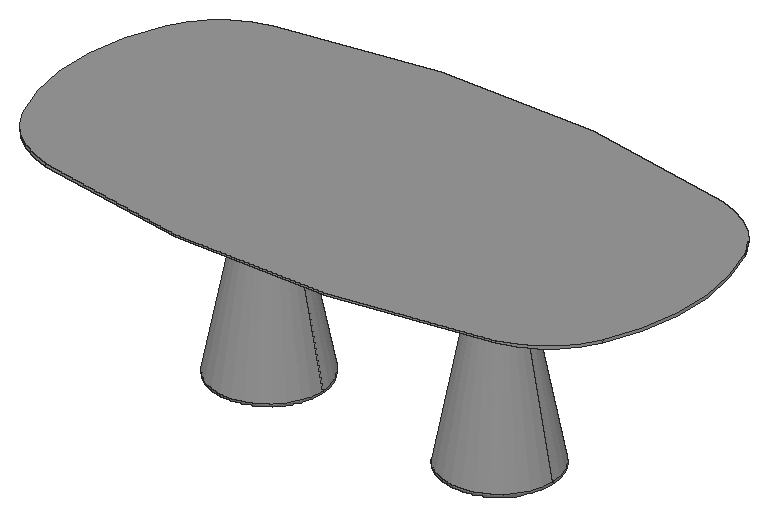
Revit family "Andreu World Reverse Conference ME5223", category Mobiliario, Revit 2014
Parameters (values of type "ME-5223 2200x1200 Dekton Stone")
  URL = "http://www.andreuworld.com/"
  Top Thickness = 30 mm
  Top Material = Andreu World Laminated White
  Top Length = 2200 mm
  Top Base = 715 mm
  Top Width = 1200 mm
  Reference = "ME-5223"
  R Base = 190 mm
  Modelo = "Reverse Conference"
  Height = 715 mm
  Fabricante = "Andreu World"
  Descripción = "Table"
  Dekton Stone Top = Andreu World Dekton Stone Sand
  Dekton = yes
  Base position = 690 mm
  Base Material = Andreu World Thermo-polymer White
  Base Height [instance] = 715 mm
Reference planes
  plane 1 "Centro (Frontal/Posterior)": y = 0
  plane 2: z = 0
  plane 3 "Centro Base": x = 487.159
  plane 4: x = 577.159
  plane 5: x = 677.159
  plane 6 "Base Height": z = 715
  plane 7: z = 510
  plane 8: z = 10
  plane 9: x = 397.159
  plane 10: x = 297.159
  plane 11 "Top thickness": z = 745
  plane 12: z = 738
  plane 13 "Glass": z = 750
  plane 14: x = 897.159
  plane 15: x = 1307.159
  plane 16: x = 1217.159
  plane 17: x = 1117.159
  plane 18: x = 1397.159
  plane 19: x = 1497.159
  plane 20: x = -202.841
  plane 21: y = 600
  plane 22: x = 1997.159
  plane 23: y = -600
  plane 24: y = 530
  plane 25: x = 1927.159
  plane 26: y = -530
  plane 27: x = -132.841
  plane 28: x = 1863.182
  plane 29: x = 1679.792
  plane 30: x = -68.864
  plane 31: x = 114.526
  plane 32: y = 435.339
  plane 33: y = 288.112
  plane 34: y = -435.339
  plane 35: y = -288.112
Forms (mm)
  Revolve 1, solid, material "Andreu World Thermo-polymer White" <- "Base Material", detail levels medium+fine
    sketch origin (0, 0, 0) x (1, 0, 0) y (0, 0, 1)
      loop
        line (487.159, 715) -> (487.159, 0) -> (667.497, 0)
        arc (667.497, 0) -> (674.895, 3.506) -> (676.866, 11.451) r 9.558
        line (676.866, 11.451) -> (577.159, 510) -> (577.159, 715) -> (487.159, 715)
      axis (487.159, 715) -> (487.159, 0)
    angle from 0 to 360
  Revolve 2, solid, material "Andreu World Thermo-polymer White" <- "Base Material", detail levels medium+fine
    sketch origin (1794.318, 0, 0) x (-1, 0, 0) y (0, 0, -1)
      loop
        line (487.159, -715) -> (577.159, -715) -> (577.159, -510) -> (676.866, -11.451)
        arc (676.866, -11.451) -> (674.895, -3.506) -> (667.497, 0) r 9.558
        line (667.497, 0) -> (487.159, 0) -> (487.159, -715)
      axis (487.159, -715) -> (487.159, 0)
    angle from 0 to 360
  Extrusion 3, solid, material "Andreu World Laminated White" <- "Top Material", detail levels coarse+medium
    sketch origin (0, 0, 0) x (1, 0, 0) y (0, 1, 0)
      loop
        arc (-69.841, -285.995) -> (5.678, -381.253) -> (114.564, -435.299) r 278.669
        arc (114.564, -435.299) -> (897.178, -530) -> (1679.792, -435.299) r 3281.121
        arc (1679.792, -435.299) -> (1788.119, -381.706) -> (1863.567, -287.29) r 278.669
        arc (1863.567, -287.29) -> (1927.159, 0.033) -> (1863.538, 287.349) r 680.734
        arc (1863.538, 287.349) -> (1788.093, 381.726) -> (1679.792, 435.299) r 278.669
        arc (1679.792, 435.299) -> (897.178, 530) -> (114.564, 435.299) r 3281.121
        arc (114.564, 435.299) -> (5.678, 381.253) -> (-69.841, 285.995) r 278.669
        arc (-69.841, 285.995) -> (-135.364, 0) -> (-69.841, -285.995) r 656.912
    from 715 <- "Top Base" to 745
  Sweep 4, solid, material "Andreu World Laminated White" <- "Top Material", detail levels coarse+medium
    path in 3D
      loop
        arc (114.564, -435.299, 745) -> (5.678, -381.253, 745) -> (-69.841, -285.995, 745) r 278.669
        arc (-69.841, -285.995, 745) -> (-135.364, 0, 745) -> (-69.841, 285.995, 745) r 656.912
        arc (-69.841, 285.995, 745) -> (5.678, 381.253, 745) -> (114.564, 435.299, 745) r 278.669
        arc (114.564, 435.299, 745) -> (897.178, 530, 745) -> (1679.792, 435.299, 745) r 3281.121
        arc (1679.792, 435.299, 745) -> (1788.093, 381.726, 745) -> (1863.538, 287.349, 745) r 278.669
        arc (1863.538, 287.349, 745) -> (1927.159, 0.033, 745) -> (1863.567, -287.29, 745) r 680.734
        arc (1863.567, -287.29, 745) -> (1788.119, -381.706, 745) -> (1679.792, -435.299, 745) r 278.669
        arc (1679.792, -435.299, 745) -> (897.178, -530, 745) -> (114.564, -435.299, 745) r 3281.121
    profile origin (897.178, -530, 745) x (0, -1, 0) y (0, 0, 1)
      loop
        line (0, -30) -> (70, -7) -> (70, 0) -> (0, 0) -> (0, -30)
  Extrusion 5, solid, material "Andreu World Dekton Stone Sand" <- "Dekton Stone Top", visible <- "Dekton", detail levels medium+fine
    sketch origin (0, 0, 745) x (1, 0, 0) y (0, 1, 0)
      loop
        arc (1696.489, -503.278) -> (1832.306, -435.997) -> (1926.742, -317.444) r 348.669
        arc (1926.742, -317.444) -> (1997.159, 0.038) -> (1926.709, 317.514) r 750.734
        arc (1926.709, 317.514) -> (1832.276, 436.022) -> (1696.489, 503.278) r 348.669
        arc (1696.489, 503.278) -> (897.178, 600) -> (97.868, 503.278) r 3351.121
        arc (97.868, 503.278) -> (-38.37, 435.657) -> (-132.859, 316.47) r 348.669
        arc (-132.859, 316.47) -> (-205.364, 0) -> (-132.859, -316.47) r 726.912
        arc (-132.859, -316.47) -> (-38.37, -435.657) -> (97.868, -503.278) r 348.669
        arc (97.868, -503.278) -> (897.178, -600) -> (1696.489, -503.278) r 3351.121
    from 0 to 8
Cuts and joins
  joined: Extrusion 3, Sweep 4
Lines and regions (mm)
  model lines, detail levels coarse+medium
    curve 1: circle (487.159, 0, 0) r 190 normal (0, 0, 1)
    curve 2: circle (1307.159, 0, 0) r 190 normal (0, 0, -1)
    curve 11: arc (1696.489, -503.278, 0) -> (897.178, -600, 0) -> (97.868, -503.278, 0) r 3351.121
    curve 12: arc (1926.742, -317.444, 0) -> (1832.306, -435.997, 0) -> (1696.489, -503.278, 0) r 348.669
    curve 13: arc (1926.709, 317.514, 0) -> (1997.159, 0.038, 0) -> (1926.742, -317.444, 0) r 750.734
    curve 14: arc (1696.489, 503.278, 0) -> (1832.276, 436.022, 0) -> (1926.709, 317.514, 0) r 348.669
    curve 15: arc (97.868, 503.278, 0) -> (897.178, 600, 0) -> (1696.489, 503.278, 0) r 3351.121
    curve 16: arc (-132.859, 316.47, 0) -> (-38.37, 435.657, 0) -> (97.868, 503.278, 0) r 348.669
    curve 17: arc (-132.859, -316.47, 0) -> (-205.364, 0, 0) -> (-132.859, 316.47, 0) r 726.912
    curve 18: arc (97.868, -503.278, 0) -> (-38.37, -435.657, 0) -> (-132.859, -316.47, 0) r 348.669
  sketch lines
    curve 3: arc (1679.792, -435.299, 745) -> (897.178, -530, 745) -> (114.564, -435.299, 745) r 3281.121
    curve 4: arc (1863.567, -287.29, 745) -> (1788.119, -381.706, 745) -> (1679.792, -435.299, 745) r 278.669
    curve 5: arc (1863.538, 287.349, 745) -> (1927.159, 0.033, 745) -> (1863.567, -287.29, 745) r 680.734
    curve 6: arc (1679.792, 435.299, 745) -> (1788.093, 381.726, 745) -> (1863.538, 287.349, 745) r 278.669
    curve 7: arc (114.564, 435.299, 745) -> (897.178, 530, 745) -> (1679.792, 435.299, 745) r 3281.121
    curve 8: arc (-69.841, 285.995, 745) -> (5.678, 381.253, 745) -> (114.564, 435.299, 745) r 278.669
    curve 9: arc (-69.841, -285.995, 745) -> (-135.364, 0, 745) -> (-69.841, 285.995, 745) r 656.912
    curve 10: arc (114.564, -435.299, 745) -> (5.678, -381.253, 745) -> (-69.841, -285.995, 745) r 278.669
Dimensions and locks
  "R Base": plane 5 to plane 3 "Centro Base"
  locked: plane 5 to plane 4 at 100
  locked: plane 8 to level at 10
  "Height": plane 6 "Base Height" to level
  plane 10 to plane 5 = 380 mm
  equal spacing: plane 10, plane 3 "Centro Base", plane 5
  locked: plane 10 to plane 9 at 100
  plane 6 "Base Height" to plane 7 = 205 mm
  "Top Thickness": plane 11 "Top thickness" to plane 6 "Base Height"
  locked: plane 11 "Top thickness" to plane 12 at 7
  plane 13 "Glass" to plane 11 "Top thickness" = 5 mm
  locked: plane 17 to plane 16 at 100
  plane 19 to plane 17 = 380 mm
  equal spacing: plane 19, plane 15, plane 17
  locked: plane 19 to plane 18 at 100
  "Top Width": plane 21 to plane 23
  equal spacing: plane 21, plane 1 "Centro (Frontal/Posterior)", plane 23
  "Top Length": plane 20 to plane 22
  equal spacing: plane 20, plane 14, plane 22
  locked: plane 20 to plane 27 at 70
  locked: plane 25 to plane 22 at 70
  locked: plane 26 to plane 23 at 70
  locked: plane 21 to plane 24 at 70
  "Base position": plane 20 to plane 3 "Centro Base"
  "Base position": plane 15 to plane 22
  locked: plane 20 to plane 30 at 133.977
  locked: plane 30 to plane 31 at 183.39
  locked: plane 28 to plane 22 at 133.977
  locked: plane 29 to plane 28 at 183.39
  locked: plane 21 to plane 32 at 164.661
  locked: plane 33 to plane 32 at 147.227
  locked: plane 34 to plane 23 at 164.661
  locked: plane 35 to plane 34 at 147.227
  "Base Height": plane 6 "Base Height" to level
  "R Base": radius of curve 1
  "R Base": radius of curve 2
  aligned and locked: level to plane 2
  aligned and locked: plane 6 "Base Height" to Revolve 1 sketch curve
  aligned and locked: Revolve 1 sketch curve to plane 3 "Centro Base"
  aligned and locked: Revolve 1 sketch curve to level
  aligned and locked: plane 4 to Revolve 1 sketch curve
  aligned and locked: Revolve 1 sketch curve to Revolve 1 sketch curve
  aligned and locked: Revolve 2 sketch curve to plane 15
  aligned and locked: plane 16 to Revolve 2 sketch curve
  aligned and locked: Revolve 2 sketch curve to Revolve 2 sketch curve
  aligned and locked: plane 29 to Extrusion 3 sketch curve
  aligned and locked: Extrusion 3 to plane 6 "Base Height"
  aligned and locked: Extrusion 3 to plane 11 "Top thickness"
  aligned and locked: Sweep 4 sketch curve to profile plane  (x2)
  aligned and locked: curve 11 to cut or joined group of Extrusion 3, Sweep 4
  aligned and locked: curve 12 to cut or joined group of Extrusion 3, Sweep 4
  aligned and locked: curve 13 to cut or joined group of Extrusion 3, Sweep 4
  aligned and locked: curve 14 to cut or joined group of Extrusion 3, Sweep 4
  aligned and locked: curve 15 to cut or joined group of Extrusion 3, Sweep 4
  aligned and locked: curve 16 to cut or joined group of Extrusion 3, Sweep 4
  aligned and locked: curve 17 to cut or joined group of Extrusion 3, Sweep 4
  aligned and locked: curve 18 to cut or joined group of Extrusion 3, Sweep 4
  aligned and locked: Extrusion 5 sketch curve to cut or joined group of Extrusion 3, Sweep 4  (x8)
Automatic sketch dimensions
  Revolve 1 sketch curve to level = 0 mm
  Revolve 1 sketch curve to plane 7 = 0 mm
  Revolve 1 sketch curve to plane 6 "Base Height" = 0 mm
  Revolve 1 sketch curve to plane 5 = 9.662 mm
  Revolve 1 sketch curve to plane 5 = 0.293 mm
  level to Revolve 1 sketch curve = 9.558 mm
  Revolve 2 sketch curve to level = 0 mm  (x2)
  Revolve 2 sketch curve to plane 6 "Base Height" = 0 mm  (x2)
  Revolve 2 sketch curve to plane 7 = 0 mm
  Revolve 2 sketch curve to plane 17 = 9.662 mm
  Revolve 2 sketch curve to plane 17 = 0.293 mm
  plane 8 to Revolve 2 sketch curve = 1.451 mm
  plane 30 to Extrusion 3 sketch curve = 0.977 mm  (x2)
  plane 1 "Centro (Frontal/Posterior)" to Extrusion 3 sketch curve = 0 mm
  Extrusion 3 sketch curve to plane 31 = 66.507 mm  (x2)
  plane 3 "Centro Base" to Extrusion 3 sketch curve = 34.388 mm
  plane 14 to Extrusion 3 sketch curve = 0.019 mm  (x2)
  Extrusion 3 sketch curve to plane 29 = 66.468 mm  (x2)
  plane 35 to Extrusion 3 sketch curve = 123.439 mm
  plane 33 to Extrusion 3 sketch curve = 123.439 mm  (x2)
  plane 32 to Extrusion 3 sketch curve = 0.04 mm
  plane 34 to Extrusion 3 sketch curve = 0.04 mm
  Extrusion 3 sketch curve to Extrusion 3 sketch curve = 0 mm  (x4)
  Extrusion 3 sketch curve to plane 29 = 0 mm
  Sweep 4 sketch curve to profile plane = 70 mm
  Sweep 4 sketch curve to profile plane = 7 mm
  Sweep 4 sketch curve to profile plane = 30 mm
  plane 1 "Centro (Frontal/Posterior)" to curve 1 = 0 mm
  curve 1 to plane 3 "Centro Base" = 0 mm
  plane 1 "Centro (Frontal/Posterior)" to curve 2 = 0 mm
  curve 2 to plane 15 = 0 mm
